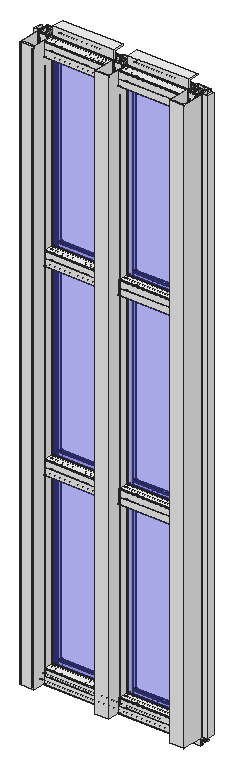
Revit family "Facade_60_Curtain_Wall_E23_Standard", category Windows, host Wall, Revit 2014
Parameters (values of type "F60-E23-6025-2000Pa")
  Windload Design [instance] = if(Custom Windload < 1001 mm, 1000 mm, if(Custom Windload < 1501 mm, 1500 mm, 2000 mm))  # 2000 mm
  Width [instance] = if(Custom Curtain Wall Width < Limit Door Width Min, Limit Door Width Min, if(Custom Curtain Wall Width > Limit Door Width Max, Limit Door Width Max, Custom Curtain Wall Width))  # 699.2 mm
  Wall Thickness [instance] = 200 mm
  Vertical Profile Length [instance] = Height - Frame Bottom Gap  # 2460 mm
  URL = "http://www.crealco.co.za/crealco-products.php"
  Type Comments = ""
  Transom Vertical Spacing [instance] = (Height - Frame Bottom Gap - (4 mm * 60)) / 3  # 740 mm
  Top Transom Top Gap [instance] = Transom Vertical Spacing + 60 mm  # 800 mm
  Top Profile Overhang = 5.9 mm  # constant formula
  Thermal Resistance (R) [instance] = if(IGDB or SAGDB Number = 100100, 1.0000 (m²·K)/W / Intruderprufe U Value, if(IGDB or SAGDB Number = 100100, 1.0000 (m²·K)/W / Intruderprufe U Value, if(IGDB or SAGDB Number = 105003, 1.0000 (m²·K)/W / Intruderprufe Insulated U Value, if(IGDB or SAGDB Number = 105004, 1.0000 (m²·K)/W / Intruderprufe Insulated LowE U Value, 1.0000 (m²·K)/W / 7.9)))) * 1  # 0.126582 (m²·K)/W
  Thermal Break Material = Plastic, Opaque Black
  Solar Heat Gain Coefficient [instance] = if(IGDB or SAGDB Number = 100100, Intruderprufe SHGC Value, if(IGDB or SAGDB Number = 103200, Intruderprufe LowE SHGC Value, if(IGDB or SAGDB Number = 105003, Intruderprufe Insulated SHGC Value, if(IGDB or SAGDB Number = 105004, Intruderprufe Insulated LowE SHGC Value, 0))))  # 0
  Single Glazing [instance] = if(DG Forced, 1 = 0, not(Double Glazing))  # no
  Sill Height = 85 mm  # constant formula
  SG Forced [instance] = not(DG Forced)  # no
  Quarter Expansion Break = no
  Overall Width [instance] = 699.2 mm
  Overall Height [instance] = 2490 mm
  Mullion Side Gap [instance] = (Width / 2) - 30 mm  # 319.6 mm
  Mullion Configuration [instance] = if(Windload Design = 1000 mm, if(not(Height > 2490 mm), 1 mm, if(and(not(Height > 4990 mm), not(Width > 1790 mm)), 2 mm, 3 mm)), if(Windload Design = 1500 mm, if(Height > 2490 mm, 3 mm, if(Width > 2990 mm, 2 mm, 1 mm)), if(Height > 2490 mm, 3 mm, if(Width > 1790 mm, 2 mm, 1 mm))))  # 1 mm
  Model = "Façade 60 "  # constant formula
  Half Expansion Break = no
  Bottom Transom Bottom Gap [instance] = Transom Vertical Spacing + 30 mm + 60 mm  # 830 mm
  Mid Glazing Bottom Gap [instance] = Frame Bottom Gap + 60 mm + Transom Vertical Spacing + 39.8 mm  # 869.8 mm
  Max System DG Unit Thickness = 25 mm  # constant formula
  Max System DG One Piece Thickness [instance] = rounddown((Max System DG Unit Thickness - DG Gasket Thickness) / 2 mm) * 1 mm  # 6 mm
  Max Pane Area [instance] = Glazing Width * Glazing Height  # 0.23412 m²
  Manufacturer = "Crealco"  # constant formula
  Limit Door Width Min = (2 * Limit Panel Width Min) + (2 * Glazing Side Gap) + 19.6 mm  # 699.2 mm
  Limit Door Width Max = (2 * Limit Panel Width Max) + (2 * Glazing Side Gap) + 19.6 mm  # 6099.2 mm
  Limit Door Height Min = (3 * Limit Panel Height Min) + 69.8 mm + (2 mm * 19.6) + 39.8 mm  # 1048.8 mm
  Limit Door Height Max = (3 * Limit Panel Height Max) + 69.8 mm + (2 mm * 19.6) + 39.8 mm  # 18148.8 mm
  Limit Panel Width Min = 300 mm  # constant formula
  Limit Panel Width Max = 3000 mm  # constant formula
  Limit Panel Height Min = 300 mm  # constant formula
  Limit Panel Height Max = 6000 mm  # constant formula
  Sill Length [instance] = Width  # 699.2 mm
  Length Sill [instance] = Width  # 699.2 mm
  Keynote = ""
  Jamb Width = 60 mm  # constant formula
  Intruderprufe U Value = 5.74
  Intruderprufe SHGC Value = 0.701
  Intruderprufe LowE U Value = 4.29
  Intruderprufe LowE SHGC Value = 0.615
  Intruderprufe Insulated U Value = 3.05
  Intruderprufe Insulated SHGC Value = 0.604
  Intruderprufe Insulated LowE U Value = 2.41
  Intruderprufe Insulated LowE SHGC Value = 0.544
  Horizontal Profile Length [instance] = (Width - (2 * Jamb Width) - 60 mm) / 2  # 259.6 mm
  Glazing Width [instance] = Horizontal Profile Length + (2 mm * 20.2)  # 300 mm
  Glazing Top Gap = 39.8 mm  # constant formula
  Glazing Side Gap = 39.8 mm  # constant formula
  Glazing Height [instance] = (Height - Glazing Top Gap - Glazing Bottom Gap - (2 * (60 mm - 20.2 mm - 20.2 mm))) / 3  # 780.4 mm
  Glazing Gap SG [instance] = (14 mm - SG Thickness) / 2  # 5 mm
  Glazing Gap DG [instance] = (28 mm - (DG Thickness + DG Thickness + DG Gasket Thickness)) / 2  # 4 mm
  Glazing Bottom Gap = 69.8 mm  # constant formula
  Frame Thickness = 101.8 mm  # constant formula
  Frame Bottom Gap = 30 mm  # constant formula
  Door Leaf Height [instance] = 2050 mm
  Double Glazing [instance] = yes
  DG Thickness Calc [instance] = if(not(Max Pane Area > 1.125 m²), 4 mm, if(not(Max Pane Area > 2.25 m²), 4 mm, if(not(Max Pane Area > 3.15 m²), 5 mm, if(not(Max Pane Area > 4.35 m²), 6 mm, if(not(Max Pane Area > 6.45 m²), 8 mm, 10 mm)))))  # 4 mm
  DG Thickness [instance] = if(IGDB or SAGDB Number = 105003, 6 mm, if(IGDB or SAGDB Number = 105004, 7 mm, if(DG Thickness Calc > Max System DG One Piece Thickness, Max System DG One Piece Thickness, DG Thickness Calc)))  # 4 mm
  DG Gasket Thickness = 12 mm  # constant formula
  DG Gasket Finish [instance] = Double Glazing Gasket Material
  DG Forced [instance] = if(IGDB or SAGDB Number = 100100, 1 = 0, if(IGDB or SAGDB Number = 103200, 1 = 0, if(IGDB or SAGDB Number = 105003, 1 = 1, if(IGDB or SAGDB Number = 105004, 1 = 1, Double Glazing))))  # yes
  IGDB or SAGDB Number [instance] = 0
  Height [instance] = if(Custom Curtain Wall Height < Limit Door Height Min, Limit Door Height Min, if(Custom Curtain Wall Height > Limit Door Height Max, Limit Door Height Max, Custom Curtain Wall Height))  # 2490 mm
  Heat Transfer Coefficient (U) [instance] = if(IGDB or SAGDB Number = 100100, Intruderprufe U Value, if(IGDB or SAGDB Number = 103200, Intruderprufe LowE U Value, if(IGDB or SAGDB Number = 105003, Intruderprufe Insulated U Value, if(IGDB or SAGDB Number = 105004, Intruderprufe Insulated LowE U Value, 7.9)))) * 1.0000 W/(m²·K)  # 7.9000 W/(m²·K)
  SG Thickness [instance] = if(IGDB or SAGDB Number = 100100, 6 mm, if(IGDB or SAGDB Number = 103200, 7 mm, if(not(Max Pane Area > 0.75 m²), 4 mm, if(not(Max Pane Area > 1.50 m²), 4 mm, if(not(Max Pane Area > 2.10 m²), 5 mm, if(not(Max Pane Area > 2.90 m²), 6.4 mm, if(not(Max Pane Area > 4.30 m²), 8 mm, 10 mm)))))))  # 4 mm
  Glazing Material [instance] = if(IGDB or SAGDB Number = 100100, "PFG INTRUDERPRUFE 6.38mm", if(IGDB or SAGDB Number = 103200, "PFG INTRUDERPRUFE LOW-E 7.38mm", if(IGDB or SAGDB Number = 105003, "PFG 25mm INTRUDERPRUFE INSULATED GLASS", if(IGDB or SAGDB Number = 105004, "PFG 25mm INTRUDERPRUFE INSULATED GLASS LOW-E", "Unknown"))))  # "Unknown"
  Glazing Finish [instance] = Glass
  Glazing Code [instance] = if(IGDB or SAGDB Number = 100100, "LAM01", if(IGDB or SAGDB Number = 103200, "LAM01E", if(IGDB or SAGDB Number = 105003, "IGU25", if(IGDB or SAGDB Number = 105004, "IGU25E", "Unknown"))))  # "Unknown"
  Frame Offset From Exterior [instance] = if(Centered In Wall, (Wall Thickness - Frame Thickness) / 2, Custom Offset From Exterior) + 5.9 mm  # 55 mm
  Description = "Curtain wall, E23"  # constant formula
  Default Sill Height = 0 mm
  Wall Closure = By host
  Custom Curtain Wall Width = 599 mm
  Custom Curtain Wall Height = 2490 mm
  Custom Windload = 2000 mm
  Custom Offset From Exterior = 0 mm
  Centered In Wall [instance] = 1 = 1  # yes
  Aluminium Finish [instance] = White Powder Coated Aluminium ANP 1052
  All Available Glazing Numbers [instance] = "The rows below list the available glazing materials for this window:"  # constant formula
  190mm Mullion [instance] = if(Mullion Configuration = 3 mm, 1 = 1, 1 = 0)  # no
  160mm Mullion [instance] = if(Mullion Configuration = 2 mm, 1 = 1, 1 = 0)  # no
  105004 [instance] = "IGU25E"  # constant formula
  105003 [instance] = "IGU25"  # constant formula
  103200 [instance] = "LAM01E"  # constant formula
  100mm Mullion [instance] = if(or(Mullion Configuration = 2 mm, Mullion Configuration = 3 mm), 1 = 0, 1 = 1)  # yes
  100100 [instance] = "LAM01"  # constant formula
Reference planes
  plane 1 "Center (Front/Back)": y = 0
  plane 2 "Center (Left/Right)": x = 0
  plane 3 "Left": x = -349.6
  plane 4 "Right": x = 349.6
  plane 5 "Sill": z = 0
  plane 6 "Head": z = 2490
  plane 7 "Exterior": y = 100
  plane 8 "Interior": y = -100
Lines and regions (mm)
  Opening 1
    outline origin (3507.082, -100, 0) x (1, 0, 0) y (0, 0, 1)
      loop
        line (-3157.482, 0) -> (-3157.482, 2490) -> (-3856.682, 2490) -> (-3856.682, 0) -> (-3157.482, 0)
Text (mm)
  text "EXTERIOR" at (-1963.203, 1332.353, 0), in view "Ref. Level"
  text "INTERIOR" at (-1981.466, -818.386, 0), in view "Ref. Level"
  text "Exterior" at (0, 923.751, 2943.296), in view "Right"
  text "Exterior" at (0, 1040.484, 2685.409), in view "Left"
Dimensions and locks
  equal spacing: plane 3 "Left", plane 2 "Center (Left/Right)", plane 4 "Right"
  "Width": plane 3 "Left" to plane 4 "Right"
  "Height": plane 5 "Sill" to plane 6 "Head"
  "Default Sill Height": plane 5 "Sill" to level
  locked: plane 7 "Exterior" to host wall at 0
  locked: plane 8 "Interior" to host wall
  "Overall Height": plane 6 "Head" to plane 5 "Sill"
  "Overall Width": plane 3 "Left" to plane 4 "Right"
  "Wall Thickness": host wall to host wall
  "Jamb Width": nested 3 to plane 4 "Right"
  "Jamb Width": nested 5 to plane 4 "Right"
  "Frame Bottom Gap": nested 5 to level
  "Frame Offset From Exterior": nested 1 to plane 7 "Exterior"
  "Glazing Side Gap": nested 6 to plane 4 "Right"
  "Glazing Top Gap": nested 6 to plane 6 "Head"
  "Glazing Gap SG": nested 6 to nested 1
  "Glazing Side Gap": nested 7 to plane 4 "Right"
  "Glazing Top Gap": nested 7 to plane 6 "Head"
  "Glazing Gap DG": nested 7 to nested 1
  "Mullion Side Gap": nested 8 to plane 4 "Right"
  "Frame Bottom Gap": nested 8 to level
  "Jamb Width": plane 3 "Left" to nested 10
  "Jamb Width": plane 3 "Left" to nested 9
  "Glazing Side Gap": plane 3 "Left" to nested 11
  "Glazing Side Gap": plane 3 "Left" to nested 12
  "Glazing Gap SG": nested 2 to nested 12
  "Glazing Gap DG": nested 2 to nested 11
  "Glazing Bottom Gap": nested 11 to level
  "Glazing Bottom Gap": nested 12 to level
  "Frame Bottom Gap": nested 9 to level
  "Bottom Transom Bottom Gap": nested 13 to level
  "Jamb Width": plane 3 "Left" to nested 13
  "Jamb Width": nested 14 to plane 4 "Right"
  "Glazing Bottom Gap": nested 15 to level
  "Glazing Bottom Gap": nested 16 to level
  "Glazing Top Gap": nested 17 to plane 6 "Head"
  "Glazing Top Gap": nested 18 to plane 6 "Head"
  "Glazing Side Gap": plane 3 "Left" to nested 18
  "Glazing Side Gap": plane 3 "Left" to nested 17
  "Glazing Side Gap": nested 15 to plane 4 "Right"
  "Glazing Side Gap": nested 16 to plane 4 "Right"
  "Glazing Gap SG": nested 16 to nested 1
  "Glazing Gap DG": nested 15 to nested 1
  "Glazing Gap SG": nested 2 to nested 18
  "Glazing Gap DG": nested 2 to nested 17
  "Jamb Width": nested 19 to plane 4 "Right"
  "Jamb Width": plane 3 "Left" to nested 20
  "Mid Glazing Bottom Gap": nested 22 to level
  "Mid Glazing Bottom Gap": nested 24 to level
  "Mid Glazing Bottom Gap": nested 21 to level
  "Mid Glazing Bottom Gap": nested 23 to level
  "Glazing Side Gap": plane 3 "Left" to nested 23
  "Glazing Side Gap": plane 3 "Left" to nested 21
  "Glazing Side Gap": nested 24 to plane 4 "Right"
  "Glazing Side Gap": nested 22 to plane 4 "Right"
  "Glazing Gap DG": nested 2 to nested 21
  "Glazing Gap SG": nested 2 to nested 23
  "Glazing Gap DG": nested 22 to nested 1
  "Glazing Gap SG": nested 24 to nested 1
  "Bottom Transom Bottom Gap": nested 14 to level
  "Top Transom Top Gap": nested 19 to plane 6 "Head"
  "Top Transom Top Gap": nested 20 to plane 6 "Head"
  host wall to host wall = 6600 mm
  aligned and locked: plane 4 "Right" to nested 1
  aligned and locked: nested 1 to plane 6 "Head"
  aligned and locked: plane 3 "Left" to nested 2
  aligned and locked: plane 6 "Head" to nested 2
  aligned and locked: nested 3 to plane 6 "Head"
  aligned and locked: nested 4 to level
  aligned and locked: plane 4 "Right" to nested 4
  aligned and locked: nested 1 to nested 2
  aligned and locked: nested 5 to nested 4
  aligned and locked: nested 8 to nested 2
  aligned and locked: nested 10 to plane 6 "Head"
  aligned and locked: nested 5 to nested 10
  aligned and locked: nested 5 to nested 9
  aligned and locked: nested 10 to nested 3
  aligned and locked: nested 10 to nested 2
  aligned and locked: nested 13 to nested 10
  aligned and locked: nested 14 to nested 3
  aligned and locked: nested 20 to nested 10
  aligned and locked: nested 19 to nested 3
Automatic sketch dimensions
  plane 3 "Left" to Opening 1 sketch curve = 0 mm
  plane 4 "Right" to Opening 1 sketch curve = 0 mm
  Opening 1 sketch curve to plane 5 "Sill" = 0 mm
  Opening 1 sketch curve to plane 6 "Head" = 0 mm
Nested families
  nested 1: "F60 Vertical Profile Side_E23_Std" at (349.6, -1.058, 30) x (-1, 0, 0) z (0, 0, 1), Thermal Break Material <- "Thermal Break Material", Profile Material <- "Aluminium Finish", Length <- "Vertical Profile Length", Single Glazing <- "SG Forced", Double Glazing <- "DG Forced", 100mm Mullion <- "100mm Mullion", 160mm Mullion <- "160mm Mullion", 190mm Mullion <- "190mm Mullion", Quarter Expansion Break <- "Quarter Expansion Break", Half Expansion Break <- "Half Expansion Break", type "F60 Vertical Profile Side_E23_Std"
    with Thermal Break Material Plastic, Opaque Black, Single Glazing no, Quarter SG Expansion Break no, Quarter Length 615 mm, Quarter Expansion Break no, Quarter DG Expansion Break no, Quarter 190mm Expansion Break no, Quarter 160mm Expansion Break no, Quarter 100mm Expansion Break no, Profile Material White Powder Coated Aluminium ANP 1052, Length 2460 mm, Half SG Expansion Break no, Half Length 1230 mm, Half Expansion Break no, Half DG Expansion Break no, Half 190mm Expansion Joint no, Half 160mm Expansion Break no, Half 100mm Expansion Break no, Double Glazing yes, 190mm Mullion no, 160mm Mullion no, 100mm Mullion yes
  nested 2: "F60 Vertical Profile Side_E23_Std" at (-349.6, -1.058, 30), Thermal Break Material <- "Thermal Break Material", Profile Material <- "Aluminium Finish", Length <- "Vertical Profile Length", Single Glazing <- "SG Forced", Double Glazing <- "DG Forced", 100mm Mullion <- "100mm Mullion", 160mm Mullion <- "160mm Mullion", 190mm Mullion <- "190mm Mullion", Quarter Expansion Break <- "Quarter Expansion Break", Half Expansion Break <- "Half Expansion Break", type "F60 Vertical Profile Side_E23_Std"
    with Thermal Break Material Plastic, Opaque Black, Single Glazing no, Quarter SG Expansion Break no, Quarter Length 615 mm, Quarter Expansion Break no, Quarter DG Expansion Break no, Quarter 190mm Expansion Break no, Quarter 160mm Expansion Break no, Quarter 100mm Expansion Break no, Profile Material White Powder Coated Aluminium ANP 1052, Length 2460 mm, Half SG Expansion Break no, Half Length 1230 mm, Half Expansion Break no, Half DG Expansion Break no, Half 190mm Expansion Joint no, Half 160mm Expansion Break no, Half 100mm Expansion Break no, Double Glazing yes, 190mm Mullion no, 160mm Mullion no, 100mm Mullion yes
  nested 3: "F60 Horizontal Profile Top_E23_Std" at (289.6, -50.858, 2430) x (-1, 0, 0) z (0, 0, 1), Thermal Break Material <- "Thermal Break Material", Profile Material <- "Aluminium Finish", Length <- "Horizontal Profile Length", Single Glazing <- "SG Forced", Double Glazing <- "DG Forced", type "F60 Horizontal Profile Top_E23_Std"
    with Thermal Break Material Plastic, Opaque Black, Single Glazing no, Profile Material White Powder Coated Aluminium ANP 1052, Length 259.6 mm, Double Glazing yes
  nested 4: "F60 Sill_E23_Std" at (349.6, -13.486, -1.88) x (-1, 0, 0) z (0, 0, 1), Profile Material <- "Aluminium Finish", Length Sill <- "Length Sill", type "F60 Sill_E23_Std"
    with Profile Material White Powder Coated Aluminium ANP 1052, Length Sill 699.2 mm
  nested 5: "F60 Horizontal Profile Bottom_E23_Std" at (289.6, -50.858, 30) x (-1, 0, 0) z (0, 0, 1), Thermal Break Material <- "Thermal Break Material", Profile Material <- "Aluminium Finish", Length <- "Horizontal Profile Length", Single Glazing <- "SG Forced", Double Glazing <- "DG Forced", type "F60 Horizontal Profile Bottom_E23_Std"
    with Thermal Break Material Plastic, Opaque Black, Single Glazing no, Profile Material White Powder Coated Aluminium ANP 1052, Length 259.6 mm, Double Glazing yes
  nested 6: "F60_Single_Glazing_E23_Std" at (309.8, 7.942, 1669.8), Glazing Width <- "Glazing Width", Glazing Height <- "Glazing Height", SG Thickness <- "SG Thickness", Glazing Finish <- "Glazing Finish", visible <- "SG Forced", type "F60_Single_Glazing_E23_Std"
    with SG Thickness 4 mm, Glazing Width 300 mm, Glazing Height 780.4 mm, Glazing Finish Glass
  nested 7: "F60_Double_Glazing_E23_Std" at (309.8, 22.942, 1669.8), Glazing Material <- "Glazing Finish", Double Glazing Gasket Material <- "DG Gasket Finish", Glazing Width <- "Glazing Width", Glazing Height <- "Glazing Height", Glazing Thickness DG <- "DG Thickness", Double Glazing Gasket Thickness <- "DG Gasket Thickness", visible <- "DG Forced", type "F60_Double_Glazing_E23_Std"
    with Glazing Width 300 mm, Glazing Thickness DG 4 mm, Glazing Material Glass, Glazing Height 780.4 mm, Double Glazing Gasket Thickness 12 mm, Double Glazing Gasket Material Double Glazing Gasket Material
  nested 8: "F60 Vertical Profile Middle_E23_Std" at (30, -1.058, 30) x (-1, 0, 0) z (0, 0, 1), Thermal Break Material <- "Thermal Break Material", Profile Material <- "Aluminium Finish", Single Glazing <- "SG Forced", Double Glazing <- "DG Forced", 190mm Mullion <- "190mm Mullion", 160mm Mullion <- "160mm Mullion", 100mm Mullion <- "100mm Mullion", Length <- "Vertical Profile Length", Half Expansion Break <- "Half Expansion Break", Quarter Expansion Break <- "Quarter Expansion Break", type "F60 Vertical Profile Middle_E23_Std"
    with Thermal Break Material Plastic, Opaque Black, Single Glazing no, Quarter SG Expansion Break no, Quarter Length 615 mm, Quarter Expansion Break no, Quarter DG Expansion Break no, Quarter 190mm Expansion Break no, Quarter 160mm Expansion Break no, Quarter 100mm Expansion Break no, Profile Material White Powder Coated Aluminium ANP 1052, Length 2460 mm, Half SG Expansion Break no, Half Length 1230 mm, Half Expansion Break no, Half DG Expansion Break no, Half 190mm Expansion Joint no, Half 160mm Expansion Break no, Half 100mm Expansion Break no, Double Glazing yes, 190mm Mullion no, 160mm Mullion no, 100mm Mullion yes
  nested 9: "F60 Horizontal Profile Bottom_E23_Std" at (-30, -50.858, 30) x (-1, 0, 0) z (0, 0, 1), Thermal Break Material <- "Thermal Break Material", Profile Material <- "Aluminium Finish", Length <- "Horizontal Profile Length", Single Glazing <- "SG Forced", Double Glazing <- "DG Forced", type "F60 Horizontal Profile Bottom_E23_Std"
    with Thermal Break Material Plastic, Opaque Black, Single Glazing no, Profile Material White Powder Coated Aluminium ANP 1052, Length 259.6 mm, Double Glazing yes
  nested 10: "F60 Horizontal Profile Top_E23_Std" at (-30, -50.858, 2430) x (-1, 0, 0) z (0, 0, 1), Thermal Break Material <- "Thermal Break Material", Profile Material <- "Aluminium Finish", Length <- "Horizontal Profile Length", Single Glazing <- "SG Forced", Double Glazing <- "DG Forced", type "F60 Horizontal Profile Top_E23_Std"
    with Thermal Break Material Plastic, Opaque Black, Single Glazing no, Profile Material White Powder Coated Aluminium ANP 1052, Length 259.6 mm, Double Glazing yes
  nested 11: "F60_Double_Glazing_E23_Std" at (-9.8, 22.942, 69.8), Glazing Material <- "Glazing Finish", Double Glazing Gasket Material <- "DG Gasket Finish", Glazing Width <- "Glazing Width", Glazing Height <- "Glazing Height", Glazing Thickness DG <- "DG Thickness", Double Glazing Gasket Thickness <- "DG Gasket Thickness", visible <- "DG Forced", type "F60_Double_Glazing_E23_Std"
    with Glazing Width 300 mm, Glazing Thickness DG 4 mm, Glazing Material Glass, Glazing Height 780.4 mm, Double Glazing Gasket Thickness 12 mm, Double Glazing Gasket Material Double Glazing Gasket Material
  nested 12: "F60_Single_Glazing_E23_Std" at (-9.8, 7.942, 69.8), Glazing Width <- "Glazing Width", Glazing Height <- "Glazing Height", SG Thickness <- "SG Thickness", Glazing Finish <- "Glazing Finish", visible <- "SG Forced", type "F60_Single_Glazing_E23_Std"
    with SG Thickness 4 mm, Glazing Width 300 mm, Glazing Height 780.4 mm, Glazing Finish Glass
  nested 13: "F60 Horizontal Profile Middle_E23_Std" at (-30, -50.858, 830) x (-1, 0, 0) z (0, 0, 1), Thermal Break Material <- "Thermal Break Material", Profile Material <- "Aluminium Finish", Length <- "Horizontal Profile Length", Single Glazing <- "SG Forced", Double Glazing <- "DG Forced", type "F60 Horizontal Profile Middle_E23_Std"
    with Thermal Break Material Plastic, Opaque Black, Single Glazing no, Profile Material White Powder Coated Aluminium ANP 1052, Length 259.6 mm, Double Glazing yes
  nested 14: "F60 Horizontal Profile Middle_E23_Std" at (289.6, -50.858, 830) x (-1, 0, 0) z (0, 0, 1), Thermal Break Material <- "Thermal Break Material", Profile Material <- "Aluminium Finish", Length <- "Horizontal Profile Length", Single Glazing <- "SG Forced", Double Glazing <- "DG Forced", type "F60 Horizontal Profile Middle_E23_Std"
    with Thermal Break Material Plastic, Opaque Black, Single Glazing no, Profile Material White Powder Coated Aluminium ANP 1052, Length 259.6 mm, Double Glazing yes
  nested 15: "F60_Double_Glazing_E23_Std" at (309.8, 22.942, 69.8), Glazing Material <- "Glazing Finish", Double Glazing Gasket Material <- "DG Gasket Finish", Glazing Width <- "Glazing Width", Glazing Height <- "Glazing Height", Glazing Thickness DG <- "DG Thickness", Double Glazing Gasket Thickness <- "DG Gasket Thickness", visible <- "DG Forced", type "F60_Double_Glazing_E23_Std"
    with Glazing Width 300 mm, Glazing Thickness DG 4 mm, Glazing Material Glass, Glazing Height 780.4 mm, Double Glazing Gasket Thickness 12 mm, Double Glazing Gasket Material Double Glazing Gasket Material
  nested 16: "F60_Single_Glazing_E23_Std" at (309.8, 7.942, 69.8), Glazing Width <- "Glazing Width", Glazing Height <- "Glazing Height", SG Thickness <- "SG Thickness", Glazing Finish <- "Glazing Finish", visible <- "SG Forced", type "F60_Single_Glazing_E23_Std"
    with SG Thickness 4 mm, Glazing Width 300 mm, Glazing Height 780.4 mm, Glazing Finish Glass
  nested 17: "F60_Double_Glazing_E23_Std" at (-9.8, 22.942, 1669.8), Glazing Material <- "Glazing Finish", Double Glazing Gasket Material <- "DG Gasket Finish", Glazing Width <- "Glazing Width", Glazing Height <- "Glazing Height", Glazing Thickness DG <- "DG Thickness", Double Glazing Gasket Thickness <- "DG Gasket Thickness", visible <- "DG Forced", type "F60_Double_Glazing_E23_Std"
    with Glazing Width 300 mm, Glazing Thickness DG 4 mm, Glazing Material Glass, Glazing Height 780.4 mm, Double Glazing Gasket Thickness 12 mm, Double Glazing Gasket Material Double Glazing Gasket Material
  nested 18: "F60_Single_Glazing_E23_Std" at (-9.8, 7.942, 1669.8), Glazing Width <- "Glazing Width", Glazing Height <- "Glazing Height", SG Thickness <- "SG Thickness", Glazing Finish <- "Glazing Finish", visible <- "SG Forced", type "F60_Single_Glazing_E23_Std"
    with SG Thickness 4 mm, Glazing Width 300 mm, Glazing Height 780.4 mm, Glazing Finish Glass
  nested 19: "F60 Horizontal Profile Middle_E23_Std" at (289.6, -50.858, 1630) x (-1, 0, 0) z (0, 0, 1), Thermal Break Material <- "Thermal Break Material", Profile Material <- "Aluminium Finish", Length <- "Horizontal Profile Length", Single Glazing <- "SG Forced", Double Glazing <- "DG Forced", type "F60 Horizontal Profile Middle_E23_Std"
    with Thermal Break Material Plastic, Opaque Black, Single Glazing no, Profile Material White Powder Coated Aluminium ANP 1052, Length 259.6 mm, Double Glazing yes
  nested 20: "F60 Horizontal Profile Middle_E23_Std" at (-30, -50.858, 1630) x (-1, 0, 0) z (0, 0, 1), Thermal Break Material <- "Thermal Break Material", Profile Material <- "Aluminium Finish", Length <- "Horizontal Profile Length", Single Glazing <- "SG Forced", Double Glazing <- "DG Forced", type "F60 Horizontal Profile Middle_E23_Std"
    with Thermal Break Material Plastic, Opaque Black, Single Glazing no, Profile Material White Powder Coated Aluminium ANP 1052, Length 259.6 mm, Double Glazing yes
  nested 21: "F60_Double_Glazing_E23_Std" at (-9.8, 22.942, 869.8), Glazing Material <- "Glazing Finish", Double Glazing Gasket Material <- "DG Gasket Finish", Glazing Width <- "Glazing Width", Glazing Height <- "Glazing Height", Glazing Thickness DG <- "DG Thickness", Double Glazing Gasket Thickness <- "DG Gasket Thickness", visible <- "DG Forced", type "F60_Double_Glazing_E23_Std"
    with Glazing Width 300 mm, Glazing Thickness DG 4 mm, Glazing Material Glass, Glazing Height 780.4 mm, Double Glazing Gasket Thickness 12 mm, Double Glazing Gasket Material Double Glazing Gasket Material
  nested 22: "F60_Double_Glazing_E23_Std" at (309.8, 22.942, 869.8), Glazing Material <- "Glazing Finish", Double Glazing Gasket Material <- "DG Gasket Finish", Glazing Width <- "Glazing Width", Glazing Height <- "Glazing Height", Glazing Thickness DG <- "DG Thickness", Double Glazing Gasket Thickness <- "DG Gasket Thickness", visible <- "DG Forced", type "F60_Double_Glazing_E23_Std"
    with Glazing Width 300 mm, Glazing Thickness DG 4 mm, Glazing Material Glass, Glazing Height 780.4 mm, Double Glazing Gasket Thickness 12 mm, Double Glazing Gasket Material Double Glazing Gasket Material
  nested 23: "F60_Single_Glazing_E23_Std" at (-9.8, 7.942, 869.8), Glazing Width <- "Glazing Width", Glazing Height <- "Glazing Height", SG Thickness <- "SG Thickness", Glazing Finish <- "Glazing Finish", visible <- "SG Forced", type "F60_Single_Glazing_E23_Std"
    with SG Thickness 4 mm, Glazing Width 300 mm, Glazing Height 780.4 mm, Glazing Finish Glass
  nested 24: "F60_Single_Glazing_E23_Std" at (309.8, 7.942, 869.8), Glazing Width <- "Glazing Width", Glazing Height <- "Glazing Height", SG Thickness <- "SG Thickness", Glazing Finish <- "Glazing Finish", visible <- "SG Forced", type "F60_Single_Glazing_E23_Std"
    with SG Thickness 4 mm, Glazing Width 300 mm, Glazing Height 780.4 mm, Glazing Finish Glass
Definition of nested family "F60 Vertical Profile Side_E23_Std"
  Parameters (values of type "F60 Vertical Profile Side")
    Quarter SG Expansion Break [instance] = if(and(Quarter Expansion Break, Single Glazing), 1 = 1, 1 = 0)  # yes
    Quarter Length [instance] = Length / 4  # 62.5 mm
    Thermal Break Material [instance] = none
    Single Glazing [instance] = yes
    Quarter Expansion Break [instance] = yes
    Quarter DG Expansion Break [instance] = if(and(Quarter Expansion Break, Double Glazing), 1 = 1, 1 = 0)  # yes
    Quarter 190mm Expansion Break [instance] = if(and(Quarter Expansion Break, [190mm Mullion]), 1 = 1, 1 = 0)  # yes
    Quarter 160mm Expansion Break [instance] = if(and(Quarter Expansion Break, [160mm Mullion]), 1 = 1, 1 = 0)  # yes
    Quarter 100mm Expansion Break [instance] = if(and(Quarter Expansion Break, [100mm Mullion]), 1 = 1, 1 = 0)  # yes
    Profile Material [instance] = none
    Length [instance] = 250 mm
    Half SG Expansion Break [instance] = if(and(Half Expansion Break, Single Glazing), 1 = 1, 1 = 0)  # yes
    Half Length [instance] = Length / 2  # 125 mm
    Half Expansion Break [instance] = yes
    Half DG Expansion Break [instance] = if(and(Half Expansion Break, Double Glazing), 1 = 1, 1 = 0)  # yes
    Half 190mm Expansion Joint [instance] = if(and(Half Expansion Break, [190mm Mullion]), 1 = 1, 1 = 0)  # yes
    Half 160mm Expansion Break [instance] = if(and(Half Expansion Break, [160mm Mullion]), 1 = 1, 1 = 0)  # yes
    Half 100mm Expansion Break [instance] = if(and(Half Expansion Break, [100mm Mullion]), 1 = 1, 1 = 0)  # yes
    Double Glazing [instance] = yes
    190mm Mullion [instance] = yes
    160mm Mullion [instance] = yes
    100mm Mullion [instance] = yes
  Reference planes
    plane 1 "Center (Front/Back)": y = 0
    plane 2: z = 0
    plane 3 "Center (Left/Right)": x = 0
  Forms (mm)
    Extrusion 1, solid, material <- "Profile Material"
      sketch origin (0, 0, 0) x (1, 0, 0) y (0, 1, 0)
        loop
          arc (25.249, -8.7) -> (25.484, -9.266) -> (26.049, -9.5) r 0.8
          line (26.049, -9.5) -> (27.1, -9.5) -> (27.1, 7) -> (32.902, 7) -> (32.902, -9.5) -> (33.951, -9.5)
          arc (33.951, -9.5) -> (34.516, -9.266) -> (34.751, -8.7) r 0.8
          line (34.751, -8.7) -> (34.751, 6.2)
          arc (34.751, 6.2) -> (34.985, 6.766) -> (35.551, 7) r 0.8
          line (35.551, 7) -> (52.1, 7) -> (52.1, 5.4) -> (50.55, 5.4) -> (50.55, 4.55)
          arc (50.55, 4.55) -> (50.726, 4.126) -> (51.15, 3.95) r 0.6
          line (51.15, 3.95) -> (52.1, 3.95) -> (52.1, 1)
          arc (52.1, 1) -> (51.6, 0.5) -> (52.1, 0) r 0.5
          line (52.1, 0) -> (54.45, 0) -> (54.45, 1.15) -> (53.3, 1.15) -> (53.3, 2.45) -> (58.8, 2.45) -> (58.8, 1.15) -> (57.65, 1.15) -> (57.65, 0) -> (59.5, 0)
          arc (59.5, 0) -> (59.854, 0.146) -> (60, 0.5) r 0.5
          line (60, 0.5) -> (60, 3.9) -> (53.55, 3.9) -> (53.55, 7.6)
          arc (53.55, 7.6) -> (53.316, 8.166) -> (52.75, 8.4) r 0.8
          line (52.75, 8.4) -> (30, 8.4) -> (7.25, 8.4)
          arc (7.25, 8.4) -> (6.684, 8.166) -> (6.45, 7.6) r 0.8
          line (6.45, 7.6) -> (6.45, 3.9) -> (0, 3.9) -> (0, 0.5)
          arc (0, 0.5) -> (0.146, 0.146) -> (0.5, 0) r 0.5
          line (0.5, 0) -> (2.35, 0) -> (2.35, 1.15) -> (1.2, 1.15) -> (1.2, 2.45) -> (6.7, 2.45) -> (6.7, 1.15) -> (5.55, 1.15) -> (5.55, 0) -> (7.9, 0)
          arc (7.9, 0) -> (8.4, 0.5) -> (7.9, 1) r 0.5
          line (7.9, 1) -> (7.9, 3.95) -> (8.85, 3.95)
          arc (8.85, 3.95) -> (9.274, 4.126) -> (9.45, 4.55) r 0.6
          line (9.45, 4.55) -> (9.45, 5.4) -> (7.9, 5.4) -> (7.9, 7) -> (24.449, 7)
          arc (24.449, 7) -> (25.015, 6.766) -> (25.249, 6.2) r 0.8
          line (25.249, 6.2) -> (25.249, -8.7)
      from 0 to 250 <- "Length"
    Extrusion 2, solid, material <- "Thermal Break Material"
      sketch origin (0, 0, 0) x (1, 0, 0) y (0, 1, 0)
        loop
          line (1.75, 9.8) -> (1.75, 5.2) -> (0, 5.2) -> (0, 3.9) -> (6.35, 3.9) -> (6.35, 7.856)
          arc (6.35, 7.856) -> (6.526, 8.281) -> (6.95, 8.456) r 0.6
          line (6.95, 8.456) -> (30, 8.456) -> (53.05, 8.456)
          arc (53.05, 8.456) -> (53.474, 8.281) -> (53.65, 7.856) r 0.6
          line (53.65, 7.856) -> (53.65, 3.9) -> (60, 3.9) -> (60, 5.2) -> (58.25, 5.2) -> (58.25, 9.8) -> (30, 9.8) -> (1.75, 9.8)
      from 0 to 250 <- "Length"
    Extrusion 3, solid, material <- "Thermal Break Material", visible <- "Single Glazing"
      sketch origin (0, 0, 0) x (1, 0, 0) y (0, 1, 0)
        loop
          line (25.749, -14.011) -> (27.672, -14.011) -> (28.481, -12.611) -> (31.518, -12.611) -> (32.327, -14.011) -> (34.249, -14.011)
          arc (34.249, -14.011) -> (34.603, -13.864) -> (34.749, -13.511) r 0.5
          line (34.749, -13.511) -> (34.749, -10.011)
          arc (34.749, -10.011) -> (34.603, -9.657) -> (34.249, -9.511) r 0.5
          line (34.249, -9.511) -> (32.352, -9.511) -> (32.352, 0.19) -> (31.349, 2.261)
          arc (31.349, 2.261) -> (29.999, 2.986) -> (28.649, 2.261) r 1.62
          line (28.649, 2.261) -> (27.647, 0.19) -> (27.647, -9.511) -> (25.749, -9.511)
          arc (25.749, -9.511) -> (25.396, -9.657) -> (25.249, -10.011) r 0.5
          line (25.249, -10.011) -> (25.249, -13.511)
          arc (25.249, -13.511) -> (25.396, -13.864) -> (25.749, -14.011) r 0.5
        loop
          line (28.504, -10.005) -> (28.504, -10.861)
          arc (28.504, -10.861) -> (28.651, -11.214) -> (29.004, -11.361) r 0.5
          line (29.004, -11.361) -> (30.994, -11.361)
          arc (30.994, -11.361) -> (31.348, -11.214) -> (31.494, -10.861) r 0.5
          line (31.494, -10.861) -> (31.494, -10.005) -> (30.708, -9.219)
          arc (30.708, -9.219) -> (30.383, -9.001) -> (29.999, -8.924) r 1.007
          arc (29.999, -8.924) -> (29.616, -8.999) -> (29.292, -9.217) r 0.986
          line (29.292, -9.217) -> (28.504, -10.005)
        loop
          arc (30.896, 1.935) -> (29.887, 2.44) -> (29.005, 1.735) r 1.047
          line (29.005, 1.735) -> (28.347, 0.374) -> (28.347, -6.993)
          arc (28.347, -6.993) -> (28.583, -7.417) -> (29.068, -7.441) r 0.5
          arc (29.068, -7.441) -> (29.999, -7.223) -> (30.93, -7.441) r 2.099
          arc (30.93, -7.441) -> (31.416, -7.417) -> (31.652, -6.993) r 0.5
          line (31.652, -6.993) -> (31.652, 0.374) -> (30.896, 1.935)
      from 0 to 250 <- "Length"
    Extrusion 4, solid, material <- "Profile Material", visible <- "Single Glazing"
      sketch origin (0, 0, 0) x (1, 0, 0) y (0, 1, 0)
        loop
          line (52.693, -14.011) -> (32.327, -14.011) -> (31.519, -12.611) -> (28.481, -12.611) -> (27.673, -14.011) -> (7.307, -14.011) -> (7.307, -15.011) -> (8.457, -15.011) -> (8.457, -16.261) -> (2.957, -16.261) -> (2.957, -15.011) -> (4.107, -15.011) -> (4.107, -14.011) -> (1.707, -14.011)
          arc (1.707, -14.011) -> (1.199, -14.293) -> (1.168, -14.873) r 0.6
          line (1.168, -14.873) -> (2.093, -16.772) -> (1.015, -17.298) -> (1.484, -18.261) -> (11.488, -18.261)
          arc (11.488, -18.261) -> (11.913, -18.085) -> (12.088, -17.661) r 0.6
          line (12.088, -17.661) -> (12.088, -16.811) -> (47.912, -16.811) -> (47.912, -17.661)
          arc (47.912, -17.661) -> (48.088, -18.085) -> (48.512, -18.261) r 0.6
          line (48.512, -18.261) -> (58.518, -18.261) -> (58.987, -17.298) -> (57.908, -16.772) -> (58.834, -14.874)
          arc (58.834, -14.874) -> (58.802, -14.293) -> (58.293, -14.011) r 0.6
          line (58.293, -14.011) -> (55.893, -14.011) -> (55.893, -15.011) -> (57.043, -15.011) -> (57.043, -16.261) -> (51.543, -16.261) -> (51.543, -15.011) -> (52.693, -15.011) -> (52.693, -14.011)
      from 0 to 250 <- "Length"
    Extrusion 5, solid, material <- "Profile Material", visible <- "Single Glazing"
      sketch origin (0, 0, 0) x (1, 0, 0) y (0, 1, 0)
        loop
          line (2.801, -18.261) -> (1.484, -18.261) -> (1.015, -17.298) -> (2.093, -16.772) -> (0.779, -14.076)
          arc (0.779, -14.076) -> (0.239, -14.21) -> (0.001, -14.713) r 0.65
          line (0.001, -14.713) -> (0.001, -28.068)
          arc (0.001, -28.068) -> (1.172, -30.897) -> (4.001, -32.068) r 4
          line (4.001, -32.068) -> (30.001, -32.068) -> (56.001, -32.068)
          arc (56.001, -32.068) -> (58.829, -30.897) -> (60.001, -28.068) r 4
          line (60.001, -28.068) -> (60.001, -14.713)
          arc (60.001, -14.713) -> (59.763, -14.21) -> (59.223, -14.076) r 0.65
          line (59.223, -14.076) -> (57.908, -16.772) -> (58.987, -17.298) -> (58.518, -18.261) -> (57.201, -18.261)
          arc (57.201, -18.261) -> (56.83, -18.425) -> (56.703, -18.811) r 0.5
          arc (56.703, -18.811) -> (56.83, -19.196) -> (57.201, -19.361) r 0.5
          line (57.201, -19.361) -> (58.951, -19.361) -> (58.951, -27.968)
          arc (58.951, -27.968) -> (58.131, -29.948) -> (56.151, -30.768) r 2.8
          line (56.151, -30.768) -> (30.001, -30.768) -> (3.851, -30.768)
          arc (3.851, -30.768) -> (1.871, -29.948) -> (1.051, -27.968) r 2.8
          line (1.051, -27.968) -> (1.051, -19.361) -> (2.801, -19.361)
          arc (2.801, -19.361) -> (3.172, -19.196) -> (3.298, -18.811) r 0.5
          arc (3.298, -18.811) -> (3.172, -18.425) -> (2.801, -18.261) r 0.5
      from 0 to 250 <- "Length"
    Extrusion 6, solid, material <- "Profile Material", visible <- "100mm Mullion"
      sketch origin (0, 0, 0) x (1, 0, 0) y (0, 1, 0)
        loop
          line (14.02, 13) -> (45.98, 13)
          arc (45.98, 13) -> (46.539, 12.842) -> (46.917, 12.4) r 1
          arc (46.917, 12.4) -> (47.285, 11.963) -> (47.833, 11.8) r 1
          line (47.833, 11.8) -> (58.15, 11.8) -> (58.15, 96.3) -> (47.833, 96.3)
          arc (47.833, 96.3) -> (47.285, 96.137) -> (46.917, 95.7) r 1
          arc (46.917, 95.7) -> (46.548, 95.263) -> (46, 95.1) r 1
          line (46, 95.1) -> (14, 95.1)
          arc (14, 95.1) -> (13.452, 95.263) -> (13.083, 95.7) r 1
          arc (13.083, 95.7) -> (12.715, 96.137) -> (12.167, 96.3) r 1
          line (12.167, 96.3) -> (1.85, 96.3) -> (1.85, 11.8) -> (12.167, 11.8)
          arc (12.167, 11.8) -> (12.715, 11.963) -> (13.083, 12.4) r 1
          arc (13.083, 12.4) -> (13.461, 12.842) -> (14.02, 13) r 1
        loop
          line (1.65, 9.856) -> (58.35, 9.856) -> (58.35, 5.2) -> (60, 5.2) -> (60, 98.8)
          arc (60, 98.8) -> (59.707, 99.507) -> (59, 99.8) r 1
          line (59, 99.8) -> (1, 99.8)
          arc (1, 99.8) -> (0.293, 99.507) -> (0, 98.8) r 1
          line (0, 98.8) -> (0, 5.2) -> (1.65, 5.2) -> (1.65, 9.856)
      from 0 to 250 <- "Length"
    Extrusion 7, solid, material <- "Profile Material", visible <- "160mm Mullion"
      sketch origin (0, 0, 0) x (1, 0, 0) y (0, 1, 0)
        loop
          arc (2.35, 15.6) -> (2.526, 15.176) -> (2.95, 15) r 0.6
          line (2.95, 15) -> (57.05, 15)
          arc (57.05, 15) -> (57.474, 15.176) -> (57.65, 15.6) r 0.6
          line (57.65, 15.6) -> (57.65, 153.7)
          arc (57.65, 153.7) -> (57.474, 154.124) -> (57.05, 154.3) r 0.6
          line (57.05, 154.3) -> (47.833, 154.3)
          arc (47.833, 154.3) -> (47.285, 154.137) -> (46.917, 153.7) r 1
          arc (46.917, 153.7) -> (46.548, 153.263) -> (46, 153.1) r 1
          line (46, 153.1) -> (14, 153.1)
          arc (14, 153.1) -> (13.452, 153.263) -> (13.083, 153.7) r 1
          arc (13.083, 153.7) -> (12.715, 154.137) -> (12.167, 154.3) r 1
          line (12.167, 154.3) -> (2.95, 154.3)
          arc (2.95, 154.3) -> (2.526, 154.124) -> (2.35, 153.7) r 0.6
          line (2.35, 153.7) -> (2.35, 15.6)
        loop
          arc (1, 159.8) -> (0.293, 159.507) -> (0, 158.8) r 1
          line (0, 158.8) -> (0, 5.2) -> (1.65, 5.2) -> (1.65, 10.013) -> (58.35, 10.013) -> (58.35, 5.2) -> (60, 5.2) -> (60, 158.8)
          arc (60, 158.8) -> (59.707, 159.507) -> (59, 159.8) r 1
          line (59, 159.8) -> (1, 159.8)
      from 0 to 250 <- "Length"
    Extrusion 8, solid, material <- "Profile Material", visible <- "190mm Mullion"
      sketch origin (0, 0, 0) x (1, 0, 0) y (0, 1, 0)
        loop
          line (57.25, 15.1) -> (57.25, 178.3)
          arc (57.25, 178.3) -> (56.957, 179.007) -> (56.25, 179.3) r 1
          line (56.25, 179.3) -> (3.75, 179.3)
          arc (3.75, 179.3) -> (3.043, 179.007) -> (2.75, 178.3) r 1
          line (2.75, 178.3) -> (2.75, 15.1)
          arc (2.75, 15.1) -> (2.984, 14.534) -> (3.55, 14.3) r 0.8
          line (3.55, 14.3) -> (56.45, 14.3)
          arc (56.45, 14.3) -> (57.016, 14.534) -> (57.25, 15.1) r 0.8
        loop
          line (60, 5.2) -> (60, 188.8)
          arc (60, 188.8) -> (59.707, 189.507) -> (59, 189.8) r 1
          line (59, 189.8) -> (1, 189.8)
          arc (1, 189.8) -> (0.293, 189.507) -> (0, 188.8) r 1
          line (0, 188.8) -> (0, 5.2) -> (1.65, 5.2) -> (1.65, 9.856) -> (58.35, 9.856) -> (58.35, 5.2) -> (60, 5.2)
      from 0 to 250 <- "Length"
    Extrusion 9, solid, material <- "Thermal Break Material", visible <- "Double Glazing"
      sketch origin (0, 0, 0) x (1, 0, 0) y (0, 1, 0)
        loop
          line (27.672, -28) -> (28.48, -26.6) -> (31.518, -26.6) -> (32.326, -28) -> (34.249, -28)
          arc (34.249, -28) -> (34.603, -27.854) -> (34.749, -27.5) r 0.5
          line (34.749, -27.5) -> (34.749, -10)
          arc (34.749, -10) -> (34.603, -9.646) -> (34.249, -9.5) r 0.5
          line (34.249, -9.5) -> (32.352, -9.5) -> (32.352, 0.198) -> (31.348, 2.272)
          arc (31.348, 2.272) -> (29.998, 2.997) -> (28.648, 2.272) r 1.62
          line (28.648, 2.272) -> (27.645, 0.201) -> (27.645, -9.5) -> (25.749, -9.5)
          arc (25.749, -9.5) -> (25.396, -9.646) -> (25.249, -10) r 0.5
          line (25.249, -10) -> (25.249, -27.5)
          arc (25.249, -27.5) -> (25.396, -27.854) -> (25.749, -28) r 0.5
          line (25.749, -28) -> (27.672, -28)
        loop
          arc (30.706, -9.206) -> (30.382, -8.99) -> (29.999, -8.913) r 1.007
          arc (29.999, -8.913) -> (29.616, -8.988) -> (29.292, -9.206) r 0.986
          line (29.292, -9.206) -> (27.142, -11.356)
          arc (27.142, -11.356) -> (26.926, -11.68) -> (26.849, -12.063) r 1
          line (26.849, -12.063) -> (26.849, -24)
          arc (26.849, -24) -> (27.142, -24.707) -> (27.849, -25) r 1
          line (27.849, -25) -> (32.149, -25)
          arc (32.149, -25) -> (32.856, -24.707) -> (33.149, -24) r 1
          line (33.149, -24) -> (33.149, -12.063)
          arc (33.149, -12.063) -> (33.073, -11.68) -> (32.856, -11.356) r 1
          line (32.856, -11.356) -> (30.706, -9.206)
        loop
          arc (28.345, -6.982) -> (28.581, -7.407) -> (29.067, -7.43) r 0.5
          arc (29.067, -7.43) -> (29.998, -7.213) -> (30.929, -7.43) r 2.099
          arc (30.929, -7.43) -> (31.414, -7.407) -> (31.651, -6.982) r 0.5
          line (31.651, -6.982) -> (31.651, 0.385) -> (30.895, 1.946)
          arc (30.895, 1.946) -> (29.885, 2.45) -> (29.004, 1.745) r 1.047
          line (29.004, 1.745) -> (28.345, 0.385) -> (28.345, -6.982)
      from 0 to 250 <- "Length"
    Extrusion 10, solid, material <- "Profile Material", visible <- "Double Glazing"
      sketch origin (0, 0, 0) x (1, 0, 0) y (0, 1, 0)
        loop
          line (52.692, -28) -> (32.327, -28) -> (31.518, -26.6) -> (28.48, -26.6) -> (27.672, -28) -> (7.306, -28) -> (7.306, -29) -> (8.456, -29) -> (8.456, -30.25) -> (2.956, -30.25) -> (2.956, -29) -> (4.106, -29) -> (4.106, -28) -> (1.706, -28)
          arc (1.706, -28) -> (1.198, -28.282) -> (1.167, -28.863) r 0.6
          line (1.167, -28.863) -> (2.093, -30.762) -> (1.014, -31.288) -> (1.483, -32.25) -> (11.488, -32.25)
          arc (11.488, -32.25) -> (11.912, -32.074) -> (12.088, -31.65) r 0.6
          line (12.088, -31.65) -> (12.088, -30.8) -> (47.911, -30.8) -> (47.911, -31.65)
          arc (47.911, -31.65) -> (48.087, -32.074) -> (48.511, -32.25) r 0.6
          line (48.511, -32.25) -> (58.517, -32.25) -> (58.986, -31.288) -> (57.907, -30.762) -> (58.833, -28.864)
          arc (58.833, -28.864) -> (58.801, -28.282) -> (58.292, -28) r 0.6
          line (58.292, -28) -> (55.892, -28) -> (55.892, -29) -> (57.042, -29) -> (57.042, -30.25) -> (51.542, -30.25) -> (51.542, -29) -> (52.692, -29) -> (52.692, -28)
      from 0 to 250 <- "Length"
    Extrusion 11, solid, material <- "Profile Material", visible <- "Double Glazing"
      sketch origin (0, 0, 0) x (1, 0, 0) y (0, 1, 0)
        loop
          line (2.8, -32.25) -> (1.483, -32.25) -> (1.014, -31.288) -> (2.093, -30.762) -> (0.778, -28.065)
          arc (0.778, -28.065) -> (0.238, -28.2) -> (0, -28.702) r 0.65
          line (0, -28.702) -> (0, -42.058)
          arc (0, -42.058) -> (1.172, -44.886) -> (4, -46.058) r 4
          line (4, -46.058) -> (30, -46.058) -> (56, -46.058)
          arc (56, -46.058) -> (58.828, -44.886) -> (60, -42.058) r 4
          line (60, -42.058) -> (60, -28.702)
          arc (60, -28.702) -> (59.762, -28.2) -> (59.222, -28.065) r 0.65
          line (59.222, -28.065) -> (57.907, -30.762) -> (58.986, -31.288) -> (58.517, -32.25) -> (57.2, -32.25)
          arc (57.2, -32.25) -> (56.829, -32.415) -> (56.703, -32.8) r 0.5
          arc (56.703, -32.8) -> (56.829, -33.185) -> (57.2, -33.35) r 0.5
          line (57.2, -33.35) -> (58.95, -33.35) -> (58.95, -41.958)
          arc (58.95, -41.958) -> (58.13, -43.938) -> (56.15, -44.758) r 2.8
          line (56.15, -44.758) -> (30, -44.758) -> (3.85, -44.758)
          arc (3.85, -44.758) -> (1.87, -43.938) -> (1.05, -41.958) r 2.8
          line (1.05, -41.958) -> (1.05, -33.35) -> (2.8, -33.35)
          arc (2.8, -33.35) -> (3.171, -33.185) -> (3.297, -32.8) r 0.5
          arc (3.297, -32.8) -> (3.171, -32.415) -> (2.8, -32.25) r 0.5
      from 0 to 250 <- "Length"
    Extrusion 12, solid, material <- "Profile Material", visible <- "Single Glazing"
      sketch origin (0, 0, 0) x (1, 0, 0) y (0, 1, 0)
        loop
          line (10.403, -10.171) -> (10.403, -3.821) -> (-21.349, -3.821) -> (-21.349, -35.567) -> (-14.999, -35.567) -> (-14.999, -10.171) -> (10.403, -10.171)
      from 0 to 250 <- "Length"
    Extrusion 13, solid, material <- "Profile Material", visible <- "Double Glazing"
      sketch origin (0, 0, 0) x (1, 0, 0) y (0, 1, 0)
        loop
          line (10.402, -7.775) -> (10.402, -1.425) -> (-21.35, -1.425) -> (-21.35, -33.172) -> (-15, -33.172) -> (-15, -7.775) -> (10.402, -7.775)
      from 0 to 250 <- "Length"
    Extrusion 14, solid, material <- "Profile Material", visible <- "Double Glazing"
      sketch origin (0, 0, 0) x (1, 0, 0) y (0, 1, 0)
        loop
          line (12, -7.775) -> (0, -7.775) -> (0, -25.775) -> (12, -25.775) -> (12, -7.775)
        loop
          line (10.8, -8.975) -> (1.2, -8.975) -> (1.2, -24.575) -> (10.8, -24.575) -> (10.8, -8.975)
      from 0 to 250 <- "Length"
  Lines and regions (mm)
    model lines, style "GenericModelHiddenLines", visible <- "Half 100mm Expansion Break"
      curve 1: line (60, 5.2, 125) -> (60, 95.2, 125)
      curve 2: line (60, 99.8, 125) -> (0, 99.8, 125)
      curve 8: line (0, 5.2, 125) -> (0, 95.2, 125)
    model lines, style "GenericModelHiddenLines", visible <- "Quarter 100mm Expansion Break"
      curve 3: line (60, 5.2, 187.5) -> (60, 95.2, 187.5)
      curve 4: line (60, 5.2, 62.5) -> (60, 95.2, 62.5)
      curve 5: line (60, 99.8, 62.5) -> (0, 99.8, 62.5)
      curve 6: line (60, 99.8, 187.5) -> (0, 99.8, 187.5)
      curve 7: line (0, 5.2, 187.5) -> (0, 95.2, 187.5)
      curve 9: line (0, 5.2, 62.5) -> (0, 95.2, 62.5)
    model lines, style "GenericModelHiddenLines", visible <- "Half SG Expansion Break"
      curve 10: line (4.107, -32.068, 125) -> (55.893, -32.068, 125)
      curve 14: line (60.001, -14.011, 125) -> (60.001, -32.068, 125)
    model lines, style "GenericModelHiddenLines", visible <- "Quarter SG Expansion Break"
      curve 11: line (4.107, -32.068, 187.5) -> (56.703, -32.068, 187.5)
      curve 12: line (4.107, -32.068, 62.5) -> (56.703, -32.068, 62.5)
      curve 13: line (60.001, -14.011, 187.5) -> (60.001, -32.068, 187.5)
      curve 15: line (60.001, -14.011, 62.5) -> (60.001, -32.068, 62.5)
    model lines, style "GenericModelHiddenLines", visible <- "Quarter 160mm Expansion Break"
      curve 16: line (0, 5.2, 187.5) -> (0, 155.2, 187.5)
      curve 18: line (0, 5.2, 62.5) -> (0, 155.2, 62.5)
      curve 19: line (0, 159.8, 187.5) -> (60, 159.8, 187.5)
      curve 21: line (0, 159.8, 62.5) -> (60, 159.8, 62.5)
      curve 22: line (60, 5.2, 187.5) -> (60, 155.2, 187.5)
      curve 24: line (60, 5.2, 62.5) -> (60, 155.2, 62.5)
    model lines, style "GenericModelHiddenLines", visible <- "Half 160mm Expansion Break"
      curve 17: line (0, 5.2, 125) -> (0, 155.2, 125)
      curve 20: line (0, 159.8, 125) -> (60, 159.8, 125)
      curve 23: line (60, 5.2, 125) -> (60, 155.2, 125)
    model lines, style "GenericModelHiddenLines", visible <- "Quarter 190mm Expansion Break"
      curve 25: line (0, 5.2, 187.5) -> (0, 185.2, 187.5)
      curve 27: line (0, 5.2, 62.5) -> (0, 185.2, 62.5)
      curve 28: line (0.779, 189.8, 187.5) -> (59.222, 189.8, 187.5)
      curve 30: line (0.779, 189.8, 62.5) -> (59.222, 189.8, 62.5)
      curve 31: line (60, 5.2, 187.5) -> (60, 185.2, 187.5)
      curve 33: line (60, 5.2, 62.5) -> (60, 185.2, 62.5)
    model lines, style "GenericModelHiddenLines", visible <- "Half 190mm Expansion Joint"
      curve 26: line (0, 5.2, 125) -> (0, 185.2, 125)
      curve 29: line (0.779, 189.8, 125) -> (59.222, 189.8, 125)
      curve 32: line (60, 5.2, 125) -> (60, 185.2, 125)
    model lines, style "GenericModelHiddenLines", visible <- "Quarter DG Expansion Break"
      curve 34: line (60, -28.065, 187.5) -> (60, -46.074, 187.5)
      curve 36: line (60, -28.065, 62.5) -> (60, -46.027, 62.5)
      curve 37: line (59.222, -46.058, 187.5) -> (0.779, -46.058, 187.5)
      curve 39: line (59.222, -46.058, 62.5) -> (0.779, -46.058, 62.5)
    model lines, style "GenericModelHiddenLines", visible <- "Half DG Expansion Break"
      curve 35: line (60, -28.065, 125) -> (60, -46.074, 125)
      curve 38: line (59.222, -46.058, 125) -> (0.779, -46.058, 125)
  Dimensions and locks
    "Half Length": curve 1 to level
    "Half Length": level to curve 2
    "Quarter Length": curve 4 to level
    "Quarter Length": Extrusion 8 to curve 3
    "Quarter Length": level to curve 5
    "Quarter Length": curve 6 to Extrusion 6
    "Quarter Length": curve 9 to level
    "Half Length": curve 8 to level
    "Quarter Length": Extrusion 8 to curve 7
    "Quarter Length": curve 12 to level
    "Half Length": curve 10 to level
    "Quarter Length": Extrusion 5 to curve 11
    "Quarter Length": curve 15 to level
    "Half Length": curve 14 to level
    "Quarter Length": Extrusion 5 to curve 13
    "Quarter Length": Extrusion 7 to curve 18
    "Half Length": Extrusion 7 to curve 17
    "Quarter Length": Extrusion 7 to curve 16
    "Quarter Length": Extrusion 7 to curve 21
    "Quarter Length": curve 19 to Extrusion 7
    "Half Length": Extrusion 7 to curve 20
    "Quarter Length": Extrusion 7 to curve 24
    "Quarter Length": Extrusion 7 to curve 22
    "Half Length": Extrusion 7 to curve 23
    "Quarter Length": Extrusion 8 to curve 27
    "Quarter Length": Extrusion 8 to curve 25
    "Half Length": Extrusion 8 to curve 26
    "Quarter Length": Extrusion 8 to curve 30
    "Quarter Length": curve 28 to Extrusion 8
    "Half Length": Extrusion 8 to curve 29
    "Quarter Length": Extrusion 8 to curve 33
    "Quarter Length": Extrusion 8 to curve 31
    "Half Length": Extrusion 8 to curve 32
    "Quarter Length": Extrusion 11 to curve 36
    "Quarter Length": Extrusion 11 to curve 34
    "Half Length": Extrusion 11 to curve 35
    "Quarter Length": Extrusion 11 to curve 37
    "Quarter Length": curve 39 to Extrusion 11
    "Half Length": curve 38 to Extrusion 11
    aligned and locked: level to plane 2
  Automatic sketch dimensions
    Extrusion 1 sketch curve to plane 3 "Center (Left/Right)" = 0 mm
    plane 1 "Center (Front/Back)" to Extrusion 1 sketch curve = 0 mm  (x4)
    plane 3 "Center (Left/Right)" to Extrusion 1 sketch curve = 0.5 mm
    Extrusion 1 sketch curve to Extrusion 1 sketch curve = 0.7 mm  (x2)
    Extrusion 1 sketch curve to Extrusion 1 sketch curve = 1.15 mm  (x4)
    Extrusion 1 sketch curve to Extrusion 1 sketch curve = 3.2 mm  (x2)
    Extrusion 1 sketch curve to Extrusion 1 sketch curve = 0.9 mm
    Extrusion 1 sketch curve to Extrusion 1 sketch curve = 0.25 mm
    Extrusion 1 sketch curve to Extrusion 1 sketch curve = 0.8 mm  (x7)
    Extrusion 1 sketch curve to Extrusion 1 sketch curve = 1.45 mm  (x2)
    Extrusion 1 sketch curve to Extrusion 1 sketch curve = 0.65 mm  (x3)
    Extrusion 1 sketch curve to Extrusion 1 sketch curve = 0.95 mm  (x3)
    Extrusion 1 sketch curve to Extrusion 1 sketch curve = 0.6 mm  (x3)
    Extrusion 1 sketch curve to plane 1 "Center (Front/Back)" = 7 mm
    Extrusion 1 sketch curve to Extrusion 1 sketch curve = 14.999 mm  (x2)
    plane 1 "Center (Front/Back)" to Extrusion 1 sketch curve = 8.7 mm
    Extrusion 1 sketch curve to Extrusion 1 sketch curve = 1.85 mm
    Extrusion 1 sketch curve to Extrusion 1 sketch curve = 2.9 mm
    Extrusion 1 sketch curve to Extrusion 1 sketch curve = 5.802 mm
    Extrusion 1 sketch curve to Extrusion 1 sketch curve = 1.049 mm
    Extrusion 1 sketch curve to plane 1 "Center (Front/Back)" = 4.55 mm
    Extrusion 1 sketch curve to plane 1 "Center (Front/Back)" = 0.5 mm  (x3)
    Extrusion 1 sketch curve to Extrusion 1 sketch curve = 1.2 mm
    Extrusion 1 sketch curve to plane 1 "Center (Front/Back)" = 1.15 mm  (x2)
    Extrusion 1 sketch curve to Extrusion 1 sketch curve = 0 mm
    Extrusion 1 sketch curve to Extrusion 1 sketch curve = 1.3 mm  (x2)
    Extrusion 1 sketch curve to Extrusion 1 sketch curve = 0.05 mm  (x2)
    Extrusion 1 sketch curve to Extrusion 1 sketch curve = 0.85 mm  (x2)
    Extrusion 1 sketch curve to plane 1 "Center (Front/Back)" = 6.2 mm
    Extrusion 2 sketch curve to plane 3 "Center (Left/Right)" = 0 mm
    plane 3 "Center (Left/Right)" to Extrusion 2 sketch curve = 1.75 mm
    Extrusion 2 sketch curve to Extrusion 2 sketch curve = 4.6 mm  (x4)
    Extrusion 2 sketch curve to Extrusion 2 sketch curve = 0.6 mm  (x2)
    Extrusion 2 sketch curve to plane 1 "Center (Front/Back)" = 9.8 mm
    Extrusion 2 sketch curve to Extrusion 2 sketch curve = 23.05 mm  (x2)
    Extrusion 2 sketch curve to Extrusion 2 sketch curve = 0 mm
    Extrusion 2 sketch curve to plane 1 "Center (Front/Back)" = 8.456 mm
    Extrusion 2 sketch curve to Extrusion 2 sketch curve = 1.75 mm
    Extrusion 2 sketch curve to plane 1 "Center (Front/Back)" = 3.9 mm  (x2)
    plane 3 "Center (Left/Right)" to Extrusion 3 sketch curve = 25.249 mm
    Extrusion 3 sketch curve to Extrusion 3 sketch curve = 0.5 mm  (x6)
    Extrusion 3 sketch curve to plane 1 "Center (Front/Back)" = 0.19 mm  (x2)
    Extrusion 3 sketch curve to Extrusion 3 sketch curve = 1.897 mm  (x2)
    Extrusion 3 sketch curve to Extrusion 3 sketch curve = 1.922 mm  (x2)
    Extrusion 3 sketch curve to plane 1 "Center (Front/Back)" = 0.374 mm  (x2)
    Extrusion 3 sketch curve to Extrusion 3 sketch curve = 0.7 mm  (x2)
    plane 1 "Center (Front/Back)" to Extrusion 3 sketch curve = 12.611 mm
    Extrusion 3 sketch curve to Extrusion 3 sketch curve = 0.809 mm
    Extrusion 3 sketch curve to Extrusion 3 sketch curve = 0.858 mm
    Extrusion 3 sketch curve to plane 1 "Center (Front/Back)" = 2.261 mm  (x2)
    Extrusion 3 sketch curve to Extrusion 3 sketch curve = 0.303 mm
    Extrusion 3 sketch curve to plane 1 "Center (Front/Back)" = 1.735 mm
    Extrusion 3 sketch curve to Extrusion 3 sketch curve = 0.356 mm
    plane 1 "Center (Front/Back)" to Extrusion 3 sketch curve = 9.217 mm
    Extrusion 3 sketch curve to Extrusion 3 sketch curve = 0.788 mm
    Extrusion 3 sketch curve to Extrusion 3 sketch curve = 0.701 mm
    Extrusion 3 sketch curve to Extrusion 3 sketch curve = 0.003 mm
    Extrusion 3 sketch curve to Extrusion 3 sketch curve = 0.992 mm
    Extrusion 3 sketch curve to Extrusion 3 sketch curve = 0.006 mm
    Extrusion 3 sketch curve to Extrusion 3 sketch curve = 0.002 mm
    plane 1 "Center (Front/Back)" to Extrusion 3 sketch curve = 9.219 mm
    Extrusion 3 sketch curve to Extrusion 3 sketch curve = 0.709 mm
    Extrusion 3 sketch curve to plane 1 "Center (Front/Back)" = 1.935 mm
    Extrusion 3 sketch curve to Extrusion 3 sketch curve = 0.899 mm
    Extrusion 3 sketch curve to Extrusion 3 sketch curve = 0.998 mm
    Extrusion 3 sketch curve to Extrusion 3 sketch curve = 0.444 mm
    Extrusion 3 sketch curve to Extrusion 3 sketch curve = 0.524 mm
    Extrusion 3 sketch curve to Extrusion 3 sketch curve = 0.756 mm
    Extrusion 3 sketch curve to Extrusion 3 sketch curve = 0.808 mm
    Extrusion 3 sketch curve to Extrusion 3 sketch curve = 0.9 mm  (x2)
    Extrusion 3 sketch curve to Extrusion 3 sketch curve = 1.25 mm
    Extrusion 3 sketch curve to Extrusion 3 sketch curve = 0.85 mm  (x2)
    Extrusion 3 sketch curve to Extrusion 3 sketch curve = 0.856 mm  (x2)
    Extrusion 3 sketch curve to Extrusion 3 sketch curve = 0.714 mm
    Extrusion 3 sketch curve to Extrusion 3 sketch curve = 0.02 mm
    Extrusion 3 sketch curve to Extrusion 3 sketch curve = 0.399 mm
    Extrusion 3 sketch curve to Extrusion 3 sketch curve = 2.224 mm
    Extrusion 3 sketch curve to Extrusion 3 sketch curve = 0.448 mm
    Extrusion 3 sketch curve to Extrusion 3 sketch curve = 0.032 mm
    Extrusion 3 sketch curve to Extrusion 3 sketch curve = 0 mm
    plane 3 "Center (Left/Right)" to Extrusion 4 sketch curve = 1.015 mm
    Extrusion 4 sketch curve to Extrusion 4 sketch curve = 0.469 mm
    plane 3 "Center (Left/Right)" to Extrusion 4 sketch curve = 1.707 mm
    Extrusion 4 sketch curve to Extrusion 4 sketch curve = 1.079 mm
    Extrusion 4 sketch curve to Extrusion 4 sketch curve = 0.864 mm
    Extrusion 4 sketch curve to Extrusion 4 sketch curve = 1.15 mm  (x4)
    Extrusion 4 sketch curve to Extrusion 4 sketch curve = 3.2 mm  (x2)
    Extrusion 4 sketch curve to Extrusion 4 sketch curve = 3.031 mm  (x2)
    Extrusion 4 sketch curve to Extrusion 4 sketch curve = 0.6 mm  (x3)
    Extrusion 4 sketch curve to Extrusion 4 sketch curve = 15.584 mm  (x2)
    plane 1 "Center (Front/Back)" to Extrusion 4 sketch curve = 12.611 mm
    Extrusion 4 sketch curve to Extrusion 4 sketch curve = 0.808 mm  (x2)
    Extrusion 4 sketch curve to Extrusion 4 sketch curve = 3.038 mm
    plane 1 "Center (Front/Back)" to Extrusion 4 sketch curve = 14.011 mm
    plane 1 "Center (Front/Back)" to Extrusion 4 sketch curve = 16.772 mm
    Extrusion 4 sketch curve to Extrusion 4 sketch curve = 0.865 mm
    Extrusion 4 sketch curve to Extrusion 4 sketch curve = 1.25 mm  (x4)
    plane 1 "Center (Front/Back)" to Extrusion 4 sketch curve = 18.261 mm
    Extrusion 4 sketch curve to Extrusion 4 sketch curve = 0.61 mm
    plane 1 "Center (Front/Back)" to Extrusion 4 sketch curve = 17.298 mm
    Extrusion 4 sketch curve to Extrusion 4 sketch curve = 5.65 mm
    Extrusion 4 sketch curve to Extrusion 4 sketch curve = 0.962 mm
    Extrusion 4 sketch curve to Extrusion 4 sketch curve = 0.85 mm
    Extrusion 4 sketch curve to Extrusion 4 sketch curve = 0.512 mm  (x2)
    Extrusion 4 sketch curve to Extrusion 4 sketch curve = 1 mm  (x2)
    Extrusion 4 sketch curve to Extrusion 4 sketch curve = 0.4 mm  (x2)
    Extrusion 4 sketch curve to Extrusion 4 sketch curve = 1.4 mm
    Extrusion 4 sketch curve to Extrusion 4 sketch curve = 0.539 mm  (x2)
    Extrusion 4 sketch curve to Extrusion 4 sketch curve = 0 mm
    plane 1 "Center (Front/Back)" to Extrusion 4 sketch curve = 14.874 mm
    plane 3 "Center (Left/Right)" to Extrusion 5 sketch curve = 0.001 mm
    Extrusion 5 sketch curve to Extrusion 5 sketch curve = 0.65 mm  (x2)
    Extrusion 5 sketch curve to Extrusion 5 sketch curve = 0.128 mm  (x2)
    plane 3 "Center (Left/Right)" to Extrusion 5 sketch curve = 1.015 mm
    plane 3 "Center (Left/Right)" to Extrusion 5 sketch curve = 1.051 mm
    Extrusion 5 sketch curve to Extrusion 5 sketch curve = 0.469 mm  (x2)
    Extrusion 5 sketch curve to Extrusion 5 sketch curve = 1.079 mm
